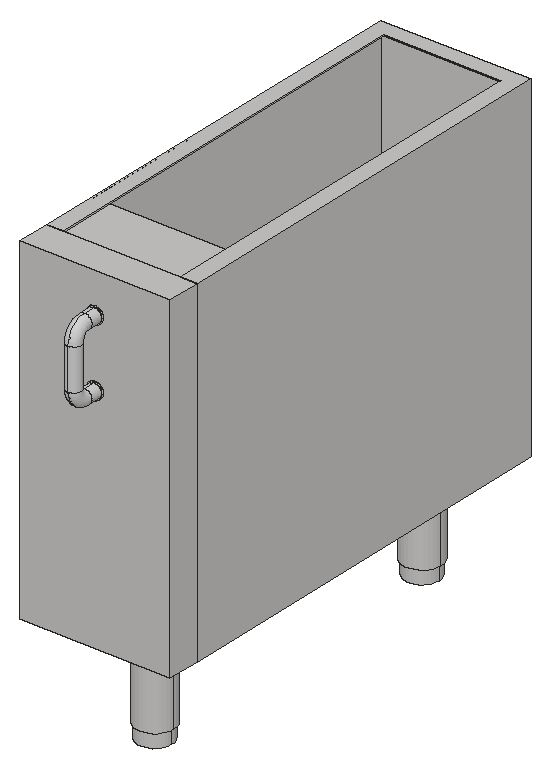
Revit family "QF_ELECTROLUXPROFESSIONAL_371211_E7BANB00CE", category Specialty Equipment, Revit 2018
Family settings
  Round Connector Dimension = Use Diameter
  Part Type = Normal
  Work Plane-Based = No
  Always vertical = Yes
  Cut with Voids When Loaded = No
  Shared = No
  Room Calculation Point = No
Parameters
  Width = 200.00 mm  # constant formula
  Weight in Pounds = 0
  URL Cutsheet = "www.electrolux.com"
  URL = "www.electrolux.com"
  Type Mark [instance] = ""
  Status [instance] = ""
  Specification by User [instance] = ""
  Specification by Manufacturer = ""
  Show Clearance [instance] = yes
  Serial Number = ""
  Seismic Rating = ""
  SMACNA No = ""
  Revision Code [instance] = ""
  Omniclass Number and Title = ""
  NAFEM Spec ID Number = ""
  Model = "371211"
  Masterspec = ""
  Manufacturer = "ELECTROLUX"
  Item Number [instance] = ""
  Installed By [instance] = ""
  Identify Quantity as Lot [instance] = yes
  Height = 600.00 mm  # constant formula
  Furnished By [instance] = ""
  Foodservice Equipment Identifier [instance] = yes
  Direct Waste Size = 0"
  Description = "700XP Base Cupboard 1_4 Module - Bottle Drawer"
  Depth = 599.00 mm  # constant formula
  CSI MasterFormat = ""
  CSI Master Format = ""
Reference planes
  plane 1 "BACK": y = 0
  plane 2: z = 0
  plane 3 "LEFT": x = 0
  plane 4 "RIGHT": x = 200
  plane 5 "FRONT": y = -599
  plane 6 "TOP": z = 600
  plane 7 "Center Y": x = 100
  plane 8 "Center X": y = -299.5
  plane 9 "Base Height": z = 150
  plane 10: y = -56
  plane 11: y = -554
  plane 12: y = -1222
  plane 13: y = -643.59
Forms (mm)
  Extrusion 1, solid, material "QF_Finishes_Stainless Steel"
    sketch origin (0, 0, 150) x (-1, 0, 0) y (0, -1, 0)
      loop
        line (0, 0) -> (0, 554) -> (-22, 554) -> (-22, 22) -> (-178, 22) -> (-178, 554) -> (-200, 554) -> (-200, 0) -> (0, 0)
    from 448.412 to 450
  Extrusion 2, solid, material "QF_Finishes_Stainless Steel"
    sketch origin (0, -599, 0) x (1, 0, 0) y (0, 0, 1)
      loop
        line (0, 598.413) -> (0, 150) -> (22, 150) -> (22, 598.413) -> (0, 598.413)
      loop
        line (200, 150) -> (200, 598.413) -> (178, 598.413) -> (178, 150) -> (200, 150)
    from -45 to -46.587
  Extrusion 3, solid, material "QF_Finishes_Stainless Steel"
    sketch origin (0, 0, 0) x (0, 1, 0) y (0, 0, 1)
      loop
        line (-554, 598.413) -> (-554, 150) -> (0, 150) -> (0, 598.413) -> (-554, 598.413)
    from 0 to 1.59
  Extrusion 4, solid, material "QF_Finishes_Stainless Steel"
    sketch origin (200, 0, 0) x (0, 1, 0) y (0, 0, 1)
      loop
        line (-554, 598.413) -> (-554, 150) -> (0, 150) -> (0, 598.413) -> (-554, 598.413)
    from 0 to -1.59
  Extrusion 5, solid, material "QF_Finishes_Stainless Steel"
    sketch origin (0, 0, 0) x (1, 0, 0) y (0, 0, 1)
      loop
        line (0, 598.413) -> (0, 150) -> (200, 150) -> (200, 598.413) -> (0, 598.413)
    from 0 to 1.59
  Extrusion 6, solid, material "QF_Finishes_Stainless Steel"
    sketch origin (0, 0, 150) x (-1, 0, 0) y (0, -1, 0)
      loop
        line (-1.59, 1.59) -> (-1.59, 552.413) -> (-198.41, 552.413) -> (-198.41, 1.59) -> (-1.59, 1.59)
      loop
        circle (-153.751, 426.185) r 12.7
    from 0 to 45
  Extrusion 7, solid, material "QF_Finishes_Stainless Steel"
    sketch origin (0, 0, 0) x (0, 1, 0) y (0, 0, 1)
      loop
        line (-552.413, 598.413) -> (-552.413, 555.237) -> (-550.823, 555.237) -> (-550.823, 596.823) -> (-477.412, 596.823) -> (-477.412, 598.413) -> (-552.413, 598.413)
    from 1.59 to 198.41
  Extrusion 8, solid, material "QF_Finishes_Stainless Steel"
    sketch origin (0, 0, 150) x (-1, 0, 0) y (0, -1, 0)
      loop
        circle (-153.751, 426.185) r 12.7
    from -1.075 to 43.642
  Extrusion 9, solid, material "QF_Finishes_Black"
    sketch origin (0, -552.413, 555.237) x (0, 0, 1) y (-1, 0, 0)
      loop
        circle (20.291, -59.72) r 1.5
      loop
        circle (20.291, -140.28) r 1.5
    from 0 to 1.59
  Revolve 10, solid, material "QF_Finishes_Stainless Steel"
    sketch origin (44.5, -499, 0) x (1, 0, 0) y (0, 0, 1)
      loop
        line (55, 0) -> (55, 150) -> (29.6, 150) -> (29.6, 19.05) -> (32.1, 19.05) -> (32.1, 0) -> (55, 0)
      axis (55, 0) -> (55, 150)
    angle from 0 to 360
  Revolve 11, solid, material "QF_Finishes_Stainless Steel"
    sketch origin (44.5, -55, 0) x (1, 0, 0) y (0, 0, -1)
      loop
        line (55, 0) -> (32.1, 0) -> (32.1, -19.05) -> (29.6, -19.05) -> (29.6, -150) -> (55, -150) -> (55, 0)
      axis (55, 0) -> (55, -150)
    angle from 0 to 360
  Extrusion 12, solid, material "QF_Finishes_Stainless Steel"
    sketch origin (0, 0, 150) x (-1, 0, 0) y (0, -1, 0)
      loop
        line (0, 554) -> (0, 599) -> (-200, 599) -> (-200, 554) -> (0, 554)
    from 0 to 450
  Sweep 13, solid, material "QF_Finishes_Handrails and Railings"
    path origin (200, 0, 0) x (0, 1, 0) y (0, 0, 1)
      loop
        line (-599, 457.5) -> (-616.635, 457.5)
        arc (-616.635, 457.5) -> (-629.038, 462.637) -> (-634.175, 475.04) r 17.54
        line (-634.175, 475.04) -> (-634.175, 529.961)
        arc (-634.175, 529.961) -> (-629.038, 542.363) -> (-616.636, 547.5) r 17.539
        line (-616.636, 547.5) -> (-599, 547.5)
    profile origin (200, -607.818, 457.5) x (0, 0, -1) y (1, 0, 0)
      loop
        circle (0, -100) r 9.415
  Extrusion 14, solid, material "QF_Finishes_Handrails and Railings"
    sketch origin (200, -599, 150) x (-1, 0, 0) y (0, 0, -1)
      loop
        circle (100, -307.5) r 10.805
      loop
        circle (100, -397.5) r 10.805
    from 0 to 1.59
  Extrusion 15, solid, material "QF_Finishes_Drawer Clearance", visible <- "Show Clearance", detail levels coarse
    sketch origin (0, 0, 150) x (-1, 0, 0) y (0, -1, 0)
      loop
        line (0, 599) -> (0, 1222) -> (-200, 1222) -> (-200, 599) -> (0, 599)
    from 0 to 450
Cuts and joins
  joined: Extrusion 1, Extrusion 2, Extrusion 3, Extrusion 4, Extrusion 5, Extrusion 6, Extrusion 7, Extrusion 8
  joined: Sweep 13, Extrusion 14
Lines and regions (mm)
  symbolic lines, style "QF-Undercounter Details"
    curve 1: line (0, 0, 150) -> (200, 0, 150)
    curve 2: line (0, -599, 150) -> (0, 0, 150)
    curve 3: line (200, -554, 150) -> (0, -554, 150)
    curve 4: line (200, 0, 150) -> (200, -599, 150)
    curve 5: line (22, -477.412, 150) -> (178, -477.412, 150)
    curve 6: line (178, -554, 150) -> (178, -22, 150)
    curve 7: line (178, -22, 150) -> (22, -22, 150)
    curve 8: line (22, -22, 150) -> (22, -554, 150)
    curve 9: line (22, -22, 150) -> (0, 0, 150)
    curve 10: line (178, -22, 150) -> (200, 0, 150)
    curve 11: arc (141.051, -426.185, 150) -> (153.751, -413.485, 150) -> (166.451, -426.185, 150) r 12.7
    curve 12: arc (166.451, -426.185, 150) -> (153.751, -438.885, 150) -> (141.051, -426.185, 150) r 12.7
    curve 13: line (200, -599, 150) -> (0, -599, 150)
    curve 17: line (90.585, -599, 150) -> (90.585, -634.221, 150)
    curve 18: line (109.415, -599, 150) -> (109.415, -634.221, 150)
    curve 19: arc (90.585, -634.221, 150) -> (100, -643.636, 150) -> (109.415, -634.221, 150) r 9.415
  symbolic lines, style "QF_Drawer Clearance"
    curve 14: line (0, -599, 150) -> (0, -1222, 150)
    curve 15: line (0, -1222, 150) -> (200, -1222, 150)
    curve 16: line (200, -1222, 150) -> (200, -599, 150)
Dimensions and locks
  equal spacing: plane 3 "LEFT", plane 7 "Center Y", plane 4 "RIGHT"
  "Width": plane 3 "LEFT" to plane 4 "RIGHT"
  equal spacing: plane 5 "FRONT", plane 8 "Center X", plane 1 "BACK"
  "Depth": plane 5 "FRONT" to plane 1 "BACK"
  "Height": plane 6 "TOP" to level
  plane 9 "Base Height" to level = 150.00 mm
  plane 5 "FRONT" to plane 11 to plane 1 "BACK" = 45.00 mm, 554.00 mm
  plane 1 "BACK" to plane 12 = 1222.00 mm
  aligned and locked: level to plane 2
  aligned and locked: Revolve 10 to plane 9 "Base Height"
Automatic sketch dimensions
  plane 1 "BACK" to Extrusion 1 sketch curve = 0.00 mm
  Extrusion 1 sketch curve to plane 4 "RIGHT" = 0.00 mm
  plane 11 to Extrusion 1 sketch curve = 0.00 mm  (x2)
  Extrusion 1 sketch curve to plane 3 "LEFT" = 0.00 mm
  Extrusion 1 sketch curve to Extrusion 1 sketch curve = 22.00 mm
  plane 3 "LEFT" to Extrusion 1 sketch curve = 22.00 mm
  plane 1 "BACK" to Extrusion 1 sketch curve = 22.00 mm
  Extrusion 2 sketch curve to plane 3 "LEFT" = 0.00 mm
  Extrusion 2 sketch curve to plane 9 "Base Height" = 0.00 mm  (x2)
  Extrusion 2 sketch curve to plane 4 "RIGHT" = 0.00 mm
  plane 3 "LEFT" to Extrusion 2 sketch curve = 22.00 mm
  Extrusion 2 sketch curve to plane 4 "RIGHT" = 22.00 mm
  Extrusion 2 sketch curve to plane 6 "TOP" = 1.587 mm  (x2)
  Extrusion 3 sketch curve to plane 9 "Base Height" = 0.00 mm
  Extrusion 3 sketch curve to plane 11 = 0.00 mm
  Extrusion 3 sketch curve to plane 1 "BACK" = 0.00 mm
  Extrusion 3 sketch curve to plane 6 "TOP" = 1.587 mm
  Extrusion 4 sketch curve to plane 9 "Base Height" = 0.00 mm
  Extrusion 4 sketch curve to plane 11 = 0.00 mm
  Extrusion 4 sketch curve to plane 1 "BACK" = 0.00 mm
  Extrusion 4 sketch curve to plane 6 "TOP" = 1.587 mm
  Extrusion 5 sketch curve to plane 3 "LEFT" = 0.00 mm
  Extrusion 5 sketch curve to plane 4 "RIGHT" = 0.00 mm
  Extrusion 5 sketch curve to plane 9 "Base Height" = 0.00 mm
  Extrusion 5 sketch curve to plane 6 "TOP" = 1.587 mm
  Extrusion 6 sketch curve to Extrusion 6 sketch curve = 0.00 mm  (x2)
  Extrusion 6 sketch curve to plane 4 "RIGHT" = 1.59 mm
  Extrusion 6 sketch curve to plane 4 "RIGHT" = 33.549 mm
  Extrusion 6 sketch curve to Extrusion 6 sketch curve = 12.70 mm
  plane 3 "LEFT" to Extrusion 6 sketch curve = 1.59 mm
  plane 1 "BACK" to Extrusion 6 sketch curve = 1.59 mm
  Extrusion 6 sketch curve to plane 8 "Center X" = 126.685 mm
  Extrusion 6 sketch curve to plane 11 = 1.587 mm
  Extrusion 7 sketch curve to plane 11 = 1.587 mm
  Extrusion 7 sketch curve to Extrusion 7 sketch curve = 1.59 mm
  Extrusion 7 sketch curve to plane 6 "TOP" = 3.177 mm
  Extrusion 7 sketch curve to Extrusion 7 sketch curve = 73.41 mm
  Extrusion 7 sketch curve to Extrusion 7 sketch curve = 41.585 mm
  Extrusion 7 sketch curve to plane 6 "TOP" = 1.587 mm
  Extrusion 8 sketch curve to plane 4 "RIGHT" = 46.249 mm
  Extrusion 8 sketch curve to plane 8 "Center X" = 126.685 mm
  Extrusion 9 sketch curve to Extrusion 7 = 20.291 mm  (x2)
  Extrusion 7 to Extrusion 9 sketch curve = 58.13 mm  (x2)
  Revolve 10 sketch curve to plane 9 "Base Height" = 0.00 mm
  Revolve 10 sketch curve to level = 0.00 mm
  Revolve 10 sketch curve to plane 7 "Center Y" = 25.90 mm
  Revolve 10 sketch curve to Revolve 10 sketch curve = 2.50 mm
  Revolve 10 sketch curve to plane 7 "Center Y" = 0.50 mm  (x2)
  level to Revolve 10 sketch curve = 19.05 mm
  plane 9 "Base Height" to Revolve 10 sketch curve = 1.00 mm
  Revolve 10 sketch curve to Revolve 10 sketch curve = 20.00 mm
  Revolve 11 sketch curve to plane 9 "Base Height" = 0.00 mm
  Revolve 11 sketch curve to level = 0.00 mm
  Revolve 11 sketch curve to plane 7 "Center Y" = 25.90 mm
  Revolve 11 sketch curve to Revolve 11 sketch curve = 2.50 mm
  Revolve 11 sketch curve to plane 7 "Center Y" = 0.50 mm  (x2)
  plane 9 "Base Height" to Revolve 11 sketch curve = 1.00 mm
  Revolve 11 sketch curve to Revolve 11 sketch curve = 20.00 mm
  level to Revolve 11 sketch curve = 19.05 mm
  Extrusion 12 sketch curve to plane 4 "RIGHT" = 0.00 mm
  Extrusion 12 sketch curve to plane 3 "LEFT" = 0.00 mm
  plane 11 to Extrusion 12 sketch curve = 0.00 mm
  plane 5 "FRONT" to Extrusion 12 sketch curve = 0.00 mm
  Extrusion 14 sketch curve to Extrusion 14 sketch curve = 0.00 mm
  Extrusion 12 to Extrusion 14 sketch curve = 52.50 mm
  Extrusion 14 sketch curve to Extrusion 14 sketch curve = 90.00 mm
  Extrusion 12 to Extrusion 14 sketch curve = 100.00 mm
  Extrusion 15 sketch curve to plane 4 "RIGHT" = 0.00 mm
  Extrusion 15 sketch curve to plane 3 "LEFT" = 0.00 mm
  plane 5 "FRONT" to Extrusion 15 sketch curve = 0.00 mm
  plane 12 to Extrusion 15 sketch curve = 0.00 mm
  Sweep 13 sketch curve to plane 5 "FRONT" = 0.00 mm  (x2)
  plane 13 to Sweep 13 sketch curve = 9.415 mm
  Sweep 13 sketch curve to Sweep 13 sketch curve = 17.539 mm
  Sweep 13 sketch curve to Sweep 13 sketch curve = 17.54 mm
  Sweep 13 sketch curve to plane 6 "TOP" = 142.50 mm
  Sweep 13 sketch curve to profile plane = 0.00 mm
  Sweep 13 sketch curve to profile plane = 100.00 mm
  Sweep 13 sketch curve to Sweep 13 sketch curve = 54.921 mm
  curve 4 to plane 4 "RIGHT" = 0.00 mm
  plane 11 to curve 6 = 0.00 mm
  curve 19 to plane 7 "Center Y" = 0.00 mm
  plane 1 "BACK" to curve 9 = 0.00 mm
  curve 9 to plane 3 "LEFT" = 0.00 mm
  plane 12 to curve 15 = 0.00 mm
  curve 3 to curve 6 = 22.00 mm
  curve 11 to plane 4 "RIGHT" = 33.549 mm
  curve 11 to curve 12 = 12.70 mm
  plane 7 "Center Y" to curve 19 = 9.415 mm
  plane 3 "LEFT" to curve 8 = 22.00 mm
  plane 1 "BACK" to curve 7 = 22.00 mm
  curve 12 to plane 8 "Center X" = 126.685 mm
  curve 11 to curve 5 = 51.228 mm
  plane 5 "FRONT" to curve 18 = 0.00 mm
  plane 13 to curve 19 = 9.369 mm
  radius of Extrusion 8 sketch curve = 12.70 mm
  radius of Extrusion 9 sketch curve = 1.50 mm  (x2)
  radius of Extrusion 14 sketch curve = 10.805 mm  (x2)
  radius of Sweep 13 sketch curve = 9.415 mm
